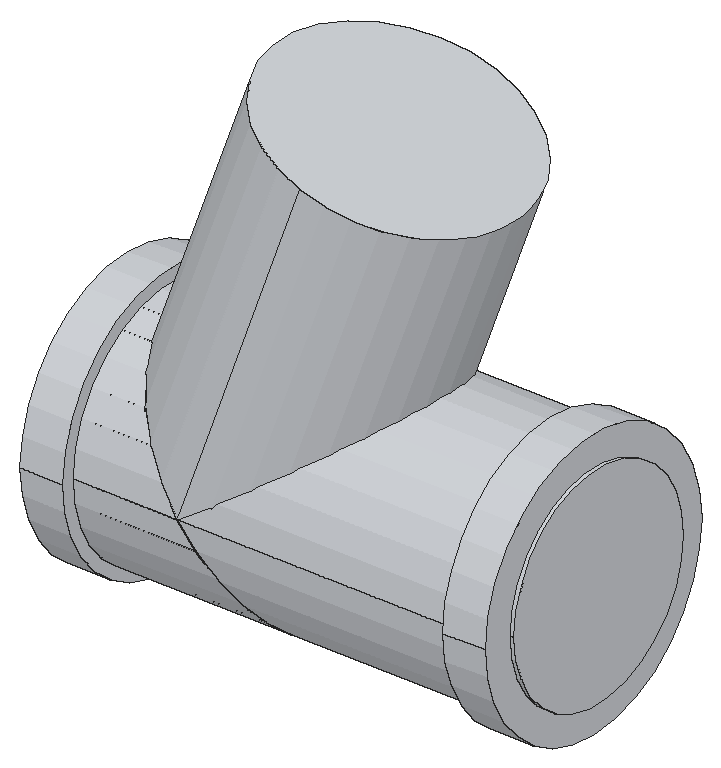
Revit family "447-DN200-RFA_2018", category Pipe Accessories, Revit 2018
Family settings
  Round Connector Dimension = Use Diameter
  Part Type = Valve - Breaks Into
  Work Plane-Based = No
  Always vertical = Yes
  Cut with Voids When Loaded = No
  Shared = No
Parameters (values of type "447-DN200")
  magiProductId = "e1019e6fc9b647ceac6d31797e2f53"
  magiProductFamilyId = "b72cb932c1b3471491e3d369876ba1"
  magiPartTypeId = 304
  isMeasuringValve [instance] = no
  ang2D [instance] = 0.00°
  X2 = 155.411 mm
  X1 = 84 mm
  W2D = 100 mm
  VersionID = "2.0/2017.9.26.1/ZETKAMA_447_001"
  Use Minimum Symbol Size [instance] = yes
  URL = "http://www.hydronix.cz"
  Type Comments = "přírubový; PN16; -10~+120°C"
  S = 266 mm
  QmdConnectorList = "301;D;302;D"
  Productdata [instance] = ""
  Manufacturer = "Hydronix"
  MC Product Code = "447 200 (DN200; PN16 kvs710)"
  MC Piping Given Pressure Drop [instance] = 0.0 Pa
  LM1 = 48 mm
  LM = 480 mm
  L2D_Min = 3048 mm
  L2D = 350 mm
  L2 = 300 mm
  HH1 = 426.987 mm
  FD = 340 mm
  Description = "Ruční vyvažovací ventil přírubový; DN200; PN16; kvs710"
  DT = 310 mm
  D = 200 mm
  CC = 6 mm
  CAT0 = yes
  C1 = 54 mm
  C = 60 mm
Types (10, lengths in mm): name | magiProductId | X2 | X1 | S | MC Product Code | LM1 | LM | L2 | HH1 | FD | Description | DT | D | CC | C1 | C
  447-DN100 | "98b46d48787042dd9a812fc0797c69" | 79.261 | 49 | 156 | "447 100 (DN100; PN16 kvs184,7)" | 28 | 280 | 175 | 217.769 | 220 | "Ruční vyvažovací ventil přírubový; DN100; PN16; kvs184,7" | 130 | 100 | 3.5 | 31.5 | 35
  447-DN125 | "02b47ccb17f74d08923d86f3fe118e" | 86.541 | 56 | 184 | "447 125 (DN125; PN16 kvs285,1)" | 32 | 320 | 200 | 237.769 | 250 | "Ruční vyvažovací ventil přírubový; DN125; PN16; kvs285,1" | 130 | 125 | 4 | 36 | 40
  447-DN150 | "7f7b5672e2b748ca8839732ddacd1d" | 95.64 | 67.2 | 211 | "447 150 (DN150; PN16 kvs390,2)" | 38.4 | 384 | 240 | 262.769 | 285 | "Ruční vyvažovací ventil přírubový; DN150; PN16; kvs390,2" | 130 | 150 | 4.8 | 43.2 | 48
  447-DN200 | "e1019e6fc9b647ceac6d31797e2f53" | 155.411 | 84 | 266 | "447 200 (DN200; PN16 kvs710)" | 48 | 480 | 300 | 426.987 | 340 | "Ruční vyvažovací ventil přírubový; DN200; PN16; kvs710" | 310 | 200 | 6 | 54 | 60
  447-DN250 | "a0eac83e29f84220b7ba68901aa49e" | 171.789 | 102.2 | 319 | "447 250 (DN250; PN16 kvs1188)" | 58.4 | 584 | 365 | 471.987 | 405 | "Ruční vyvažovací ventil přírubový; DN250; PN16; kvs1188" | 310 | 250 | 7.3 | 65.7 | 73
  447-DN300 | "476300b2e87f4f20bd49d272c44436" | 175.429 | 119 | 370 | "447 300 (DN300; PN16 kvs1504)" | 68 | 680 | 425 | 481.987 | 460 | "Ruční vyvažovací ventil přírubový; DN300; PN16; kvs1504" | 310 | 300 | 8.5 | 76.5 | 85
  447-DN040 | "1b02107dafeb4f5588628c478854c2" | 42.71 | 28 | 84 | "447 040 (DN40; PN16 kvs22,36)" | 16 | 160 | 100 | 117.345 | 150 | "Ruční vyvažovací ventil přírubový; DN40; PN16; kvs22,36" | 74 | 40 | 2 | 18 | 20
  447-DN050 | "5ed7087ff739473a8b86e2dbbe5062" | 42.71 | 32.2 | 99 | "447 050 (DN50; PN16 kvs32,15)" | 18.4 | 184 | 115 | 117.345 | 165 | "Ruční vyvažovací ventil přírubový; DN50; PN16; kvs32,15" | 74 | 50 | 2.3 | 20.7 | 23
  447-DN065 | "bd77367604f142d88050bf73c88c7b" | 71.982 | 40.6 | 118 | "447 065 (DN65; PN16 kvs88,8)" | 23.2 | 232 | 145 | 197.769 | 185 | "Ruční vyvažovací ventil přírubový; DN65; PN16; kvs88,8" | 130 | 65 | 2.9 | 26.1 | 29
  447-DN080 | "7399fcf493614c92ad9035a8ac3adf" | 71.982 | 43.4 | 132 | "447 080 (DN80; PN16 kvs113,4)" | 24.8 | 248 | 155 | 197.769 | 200 | "Ruční vyvažovací ventil přírubový; DN80; PN16; kvs113,4" | 130 | 80 | 3.1 | 27.9 | 31
Reference planes
  plane 1 "Center (Front/Back)": y = 0
  plane 2 "XYPLANE": z = 0
  plane 3 "Center (Left/Right)": x = 0
  plane 4 "110": x = 47.411
  plane 5 "109": z = 426.987
  plane 6 "108": x = -108
  plane 7 "107": x = 294
  plane 8 "106": x = -294
  plane 9 "105": z = 0
  plane 10 "104": y = 0
  plane 11 "103": x = -300
  plane 12 "102": x = 300
  plane 13 "100": x = -240
  plane 14 "99": x = 240
  plane 15 "98": x = -192
Forms (mm)
  Extrusion 1, solid, visible <- "CAT0"
    sketch origin (-240, -750, 0) x (0, 1, 0) y (0, 0, 1)
      loop
        circle (750, 0) r 155
    from 0 to 480 <- "LM"
  Sweep 2, solid, visible <- "CAT0"
    path origin (750, 0, 0) x (-1, 0, 0) y (0, 0, 1)
      loop
        line (990, 0) -> (858, 0) -> (702.589, 426.987)
    profile origin (-240, 0, 0) x (0, 0, -1) y (0, 1, 0)
      loop
        circle (0, 0) r 155
  Extrusion 3, solid
    sketch origin (294, -750, 0) x (0, 1, 0) y (0, 0, 1)
      loop
        circle (750, 0) r 133
    from 0 to 6 <- "CC"
  Extrusion 4, solid
    sketch origin (240, -750, 0) x (0, 1, 0) y (0, 0, 1)
      loop
        circle (750, 0) r 170
    from 0 to 54 <- "C1"
  Extrusion 5, solid
    sketch origin (-294, -750, 0) x (0, 1, 0) y (0, 0, 1)
      loop
        circle (750, 0) r 170
    from 0 to 54 <- "C1"
  Extrusion 6, solid
    sketch origin (-300, -750, 0) x (0, 1, 0) y (0, 0, 1)
      loop
        circle (750, 0) r 133
    from 0 to 6 <- "CC"
  Extrusion 7, solid, not visible
    sketch origin (-300, -750, 0) x (0, 1, 0) y (0, 0, 1)
      loop
        circle (750, 0) r 10
    from 0 to 10
  Extrusion 8, solid, not visible
    sketch origin (300, -750, 0) x (0, 1, 0) y (0, 0, 1)
      loop
        circle (750, 0) r 10
    from 0 to -10
Lines and regions (mm)
  reference lines, not visible
    curve 1: circle (2, 2, 0) r 1 normal (0, 0, 1)
Dimensions and locks
  plane 1 "Center (Front/Back)" to curve 1 = 2 mm
  "X2": plane 6 "108" to plane 4 "110"
  "HH1": plane 2 "XYPLANE" to plane 5 "109"
  "X1": plane 15 "98" to plane 6 "108"
  "C1": plane 14 "99" to plane 7 "107"
  "CC": plane 11 "103" to plane 8 "106"
  locked: plane 2 "XYPLANE" to plane 9 "105"
  locked: plane 1 "Center (Front/Back)" to plane 10 "104"
  "L2": plane 3 "Center (Left/Right)" to plane 11 "103"
  "L2": plane 3 "Center (Left/Right)" to plane 12 "102"
  "C": plane 11 "103" to plane 13 "100"
  "LM": plane 13 "100" to plane 14 "99"
  "LM1": plane 13 "100" to plane 15 "98"
  Sweep 2 sketch curve to Sweep 2 sketch curve = 0 mm  (x2)
  "DT": diameter of Extrusion 1 sketch curve
  "DT": diameter of Sweep 2 sketch curve
  "S": diameter of Extrusion 3 sketch curve
  "FD": diameter of Extrusion 4 sketch curve
  "FD": diameter of Extrusion 5 sketch curve
  "S": diameter of Extrusion 6 sketch curve
  aligned and locked: level to plane 2 "XYPLANE"
  aligned and locked: plane 9 "105" to Extrusion 1 sketch curve
  aligned and locked: Extrusion 1 sketch curve to plane 10 "104"
  aligned and locked: plane 9 "105" to Sweep 2 sketch curve  (x3)
  aligned and locked: Sweep 2 sketch curve to plane 10 "104"
  aligned and locked: plane 13 "100" to Sweep 2 sketch curve
  aligned and locked: plane 6 "108" to Sweep 2 sketch curve
  aligned and locked: plane 4 "110" to Sweep 2 sketch curve
  aligned and locked: plane 5 "109" to Sweep 2 sketch curve
  aligned and locked: plane 9 "105" to Extrusion 3 sketch curve
  aligned and locked: Extrusion 3 sketch curve to plane 10 "104"
  aligned and locked: plane 9 "105" to Extrusion 4 sketch curve
  aligned and locked: Extrusion 4 sketch curve to plane 10 "104"
  aligned and locked: plane 9 "105" to Extrusion 5 sketch curve
  aligned and locked: Extrusion 5 sketch curve to plane 10 "104"
  aligned and locked: plane 9 "105" to Extrusion 6 sketch curve
  aligned and locked: Extrusion 6 sketch curve to plane 10 "104"
  aligned and locked: plane 9 "105" to Extrusion 7 sketch curve
  aligned and locked: Extrusion 7 sketch curve to plane 10 "104"
  aligned and locked: plane 9 "105" to Extrusion 8 sketch curve
  aligned and locked: Extrusion 8 sketch curve to plane 10 "104"
Automatic sketch dimensions
  plane 1 "Center (Front/Back)" to Extrusion 7 sketch curve = 10 mm
  plane 1 "Center (Front/Back)" to Extrusion 8 sketch curve = 10 mm
  plane 3 "Center (Left/Right)" to curve 1 = 2 mm
  radius of curve 1 = 1 mm
Connectors
  piping at (-300, 0, 0), diameter 200, driven by "D"
    settings: on Extrusion 7, index 1, connector inside diameter 609.6 mm, connector length 0 mm, flow factor 0, pipe flow 0.0 L/s, pressure drop 0.0 Pa, fitting loss kfactor 0, connector angle 0.00°, fixture units 0, engagement length 0 mm, angle of deflection 0.00°, flow configuration 0, flow direction 0, fitting loss method 0, system type 29, joint type 0, gender type 0, connector reference index 2, connector utility 0, adjustable connector no, is connector primary yes, connector description ""
  piping at (300, 0, 0), diameter 200, driven by "D"
    settings: on Extrusion 8, index 2, connector inside diameter 609.6 mm, connector length 0 mm, flow factor 0, pipe flow 0.0 L/s, pressure drop 0.0 Pa, fitting loss kfactor 0, connector angle 0.00°, fixture units 0, engagement length 0 mm, angle of deflection 0.00°, flow configuration 0, flow direction 0, fitting loss method 0, system type 29, joint type 0, gender type 0, connector reference index 1, connector utility 0, adjustable connector no, is connector primary no, connector description ""
